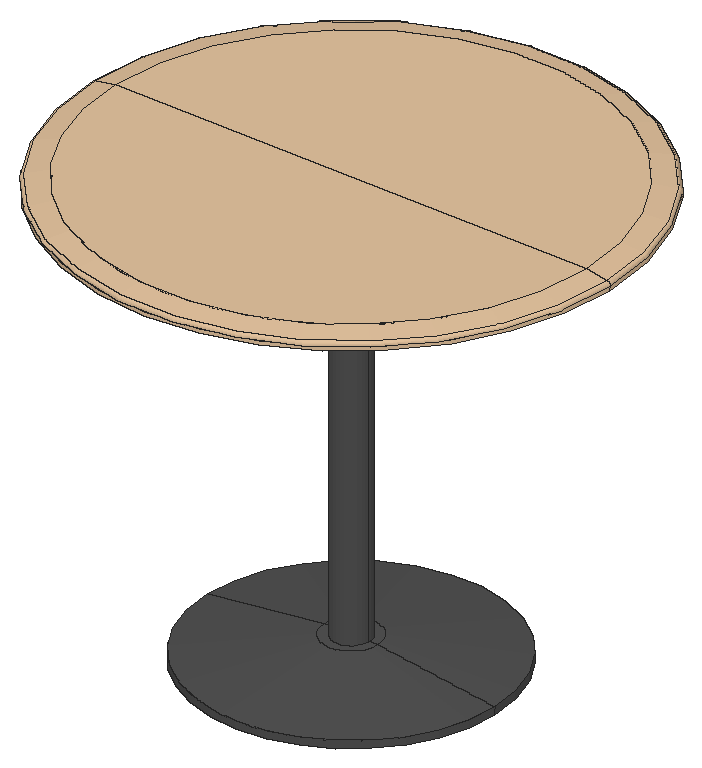
Revit family "Table-Round", category Furniture, Revit 2018
Family settings
  OmniClass Number = 23.40.20.14.17
  OmniClass Title = Residential Tables and Cabinets
  Work Plane-Based = No
  Always vertical = Yes
  Cut with Voids When Loaded = No
  Shared = Yes
  Room Calculation Point = No
Parameters (values of type "36" Diameter")
  Assembly Code = "E2020200"
  Base Material = Steel, Chrome Plated
  Base Radius = 0' - 10"
  Height = 2' - 6"
  Radius = 1' - 6"
  Top Material = Birch
Types (4): name | Base Radius | Radius
  (no name) | 0' - 10" | 1' - 6"
  36" Diameter | 0' - 10" | 1' - 6"
  42" Diameter | 0' - 10" | 1' - 9"
  48" Diameter | 1' - 0" | 2' - 0"
Reference planes (in)
  plane 1 "Center (Front/Back)": y = 0
  plane 2: z = 0
  plane 3 "Center (Left/Right)": x = 0
  plane 4: z = 30
Forms (in)
  Extrusion 1, solid, material "Steel, Chrome Plated" <- "Base Material"
    sketch origin (0, 0, 1.5) x (1, 0, 0) y (0, 1, 0)
      loop
        circle (0, 0) r 1.25
    from 0 to 27.75
  Revolve 2, solid, material "Steel, Chrome Plated" <- "Base Material"
    sketch origin (0, 0, 0) x (1, 0, 0) y (0, 0, 1)
      loop
        line (0, 0) -> (0, 1.5) -> (-1.875, 1.5) -> (-10, 0.5) -> (-10, 0) -> (0, 0)
      axis (0, 1.5) -> (0, 0)
    angle from 0 to 360
  Revolve 3, solid, material "Birch" <- "Top Material"
    sketch origin (0, 0, 0) x (1, 0, 0) y (0, 0, 1)
      loop
        line (0, 29.25) -> (0, 30) -> (-16.35044, 30) -> (-17.79341, 29.74556)
        arc (-17.79341, 29.74556) -> (-17.94151, 29.66006) -> (-18, 29.49936) r 0.25
        line (-18, 29.49936) -> (-18, 29.25) -> (0, 29.25)
      axis (0, 30) -> (0, 29.25)
    angle from 0 to 360
Lines and regions (in)
  Masking region 1
    outline origin (0, 0, 0) x (1, 0, 0) y (0, 1, 0)
      loop
        circle (0, 0) r 18
  symbolic lines
    curve 1: arc (-16.35044, 0, 0) -> (0, 16.35044, 0) -> (16.35044, 0, 0) r 16.35044
    curve 2: arc (16.35044, 0, 0) -> (0, -16.35044, 0) -> (-16.35044, 0, 0) r 16.35044
Dimensions and locks (in)
  "Height": plane 4 to plane 2
  "Base Radius": plane 3 "Center (Left/Right)" to Revolve 2 sketch curve
  "Radius": plane 3 "Center (Left/Right)" to Revolve 3 sketch curve
  aligned and locked: Extrusion 1 to Revolve 3
  aligned and locked: Masking region 1 sketch curve to Revolve 3
  aligned and locked: curve 1 to Revolve 3
  aligned: curve 2 to Revolve 3
Automatic sketch dimensions
  Extrusion 1 sketch curve to plane 1 "Center (Front/Back)" = 0' - 0"
  Extrusion 1 sketch curve to plane 3 "Center (Left/Right)" = 0' - 0"
  Extrusion 1 sketch curve to plane 3 "Center (Left/Right)" = 0' - 1 1/4"
  Revolve 2 sketch curve to level = 0' - 0"
  Revolve 2 sketch curve to plane 3 "Center (Left/Right)" = 0' - 0"  (x2)
  Revolve 2 sketch curve to plane 3 "Center (Left/Right)" = 0' - 1 7/8"
  level to Revolve 2 sketch curve = 0' - 0 1/2"
  Revolve 2 sketch curve to level = 0' - 1 1/2"
  level to Revolve 2 sketch curve = 0' - 1 1/2"
  Revolve 2 sketch curve to Revolve 2 sketch curve = 0' - 7"
  Revolve 3 sketch curve to plane 4 = 0' - 0"
  Revolve 3 sketch curve to plane 3 "Center (Left/Right)" = 0' - 0"  (x2)
  plane 4 to Revolve 3 sketch curve = 0' - 0.50064"
  Revolve 3 sketch curve to Revolve 3 sketch curve = 0' - 1.39956"
  plane 4 to Revolve 3 sketch curve = 0' - 0.25444"
  Revolve 3 sketch curve to Revolve 3 sketch curve = 0' - 0.04341"
  plane 4 to Revolve 3 sketch curve = 0' - 0 3/4"
  Revolve 3 sketch curve to Revolve 3 sketch curve = 0' - 4 1/4"
  Revolve 3 sketch curve to plane 4 = 0' - 3"
